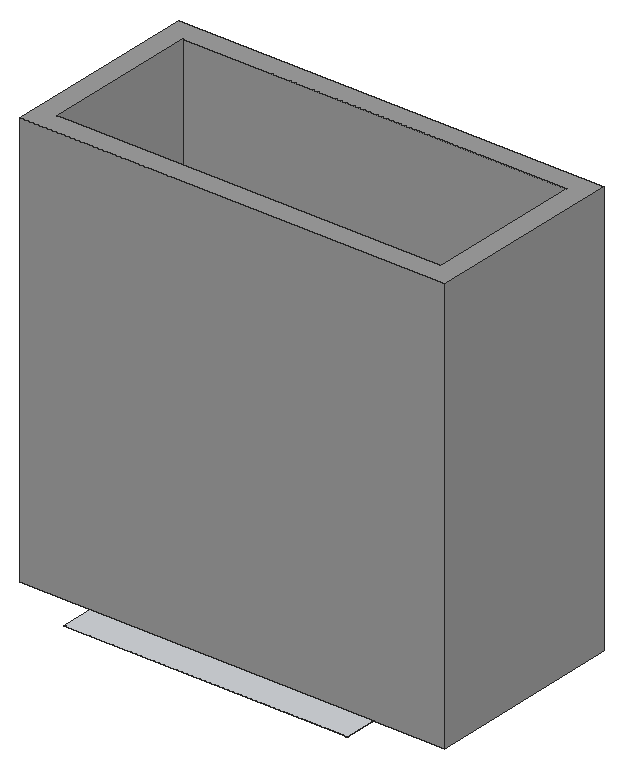
Revit family "Room_template", category Walls, Revit 2025
Family settings
  Work Plane-Based = No
  Always vertical = No
  Cut with Voids When Loaded = No
  Shared = Yes
Parameters
  duHast_width [instance] = 2367.295 mm
  duHast_sub_department_name [instance] = ""
  duHast_sub_department_code [instance] = ""
  duHast_room_number [instance] = ""
  duHast_room_name_abbreviated [instance] = ""
  duHast_room_name [instance] = ""
  duHast_room_id [instance] = ""
  duHast_height [instance] = 2438.4 mm
  duHast_functional_group_name [instance] = ""
  duHast_functional_group_code [instance] = ""
  duHast_depth [instance] = 1044.001 mm
  duHast_department_name [instance] = ""
  duHast_department_code [instance] = ""
  duHast_area_designed_to_area_briefed_as_percentage [instance] = if(duHast_area_designed_centre_wall - duHast_area_briefed = 0.00 m², 0, if(duHast_area_briefed = 0.00 m², 9999, 100 * (duHast_area_designed_centre_wall - duHast_area_briefed) / duHast_area_briefed))  # 0
  duHast_area_designed_minus_area_briefed_difference [instance] = duHast_area_designed_centre_wall - duHast_area_briefed  # 0.00 m²
  duHast_area_designed_centre_wall [instance] = 0.00 m²
  duHast_area_briefed [instance] = 0.00 m²
  Type IFC Predefined Type = "PARTITIONING"
  Structural Material = none
  Export Type to IFC As = "IfcWallType"
Reference planes
  plane 1: z = 0
  plane 2: z = 2438.4
  plane 3: x = 0
  plane 4: y = 0
Forms (mm)
  Extrusion 1, solid, material <- "Structural Material", detail levels medium+fine
    sketch origin (230.945, 0, 0) x (1, 0, 0) y (0, 1, 0)
      loop
        line (-1474.593, 582) -> (-1474.593, -582) -> (1012.703, -582) -> (1012.703, 582) -> (-1474.593, 582)
      loop
        line (-1354.593, 462) -> (-1354.593, -462) -> (892.703, -462) -> (892.703, 462) -> (-1354.593, 462)
    from 0 to 2438.4 <- "duHast_height"
  Extrusion 2, solid, not visible, detail levels coarse
    sketch origin (230.945, 0, 0) x (1, 0, 0) y (0, 1, 0)
      loop
        line (-1474.593, 582) -> (-1474.593, -582) -> (1012.703, -582) -> (1012.703, 582) -> (-1474.593, 582)
      loop
        line (-1354.593, 462) -> (-1354.593, -462) -> (892.703, -462) -> (892.703, 462) -> (-1354.593, 462)
    from 0 to 2438.4 <- "duHast_height"
Dimensions and locks
  "duHast_height": plane 2 to level
  aligned and locked: nested 3 to plane 3
  aligned and locked: nested 3 to plane 4
  aligned and locked: nested 2 to plane 3
  aligned and locked: nested 2 to plane 4
Automatic sketch dimensions
  Extrusion 1 sketch curve to Extrusion 1 sketch curve = 120 mm  (x4)
  Extrusion 2 sketch curve to Extrusion 2 sketch curve = 120 mm  (x4)
  Extrusion 1 sketch curve to Extrusion 1 sketch curve = 2247.295 mm
  Extrusion 2 sketch curve to Extrusion 2 sketch curve = 2247.295 mm
  Extrusion 1 sketch curve to Extrusion 1 sketch curve = 924.001 mm
  Extrusion 2 sketch curve to Extrusion 2 sketch curve = 924.001 mm
Nested families
  nested 1: "Nested_tag" at (-1.878, 0, 0), duHast_depth <- "duHast_depth", duHast_width <- "duHast_width", duHast_room_id <- "duHast_room_id", duHast_room_name_abbreviated <- "duHast_room_name", duHast_room_number <- "duHast_room_number", duHast_area_briefed <- "duHast_area_briefed", duHast_area_designed_centre_wall <- "duHast_area_designed_centre_wall", type "Nested_tag"
    with duHast_width 2367.295 mm, duHast_room_number "", duHast_room_name_abbreviated "", duHast_room_id "", duHast_depth 1044.001 mm, duHast_area_designed_centre_wall 0.00 m², duHast_area_briefed 0.00 m²
  nested 2: "Inner_nested_room_coarse_template" at (0, 0, 0), duHast_depth <- "duHast_depth", duHast_height <- "duHast_height", duHast_width <- "duHast_width", duHast_department_code <- "duHast_department_code", duHast_department_name <- "duHast_department_name", duHast_functional_group_code <- "duHast_functional_group_code", duHast_functional_group_name <- "duHast_functional_group_name", duHast_room_id <- "duHast_room_id", duHast_room_name <- "duHast_room_name", duHast_room_name_abbreviated <- "duHast_room_name_abbreviated", duHast_room_number <- "duHast_room_number", duHast_sub_department_code <- "duHast_sub_department_code", duHast_sub_department_name <- "duHast_sub_department_name", duHast_area_designed_minus_area_briefed_difference <- "duHast_area_designed_minus_area_briefed_difference", duHast_area_designed_to_area_briefed_as_percentage <- "duHast_area_designed_to_area_briefed_as_percentage", type "Inner_nested", detail levels coarse
    with duHast_width 2367.295 mm, duHast_sub_department_name "", duHast_sub_department_code "", duHast_room_number "", duHast_room_name_abbreviated "", duHast_room_name "", duHast_room_id "", duHast_height 2438.4 mm, duHast_functional_group_name "", duHast_functional_group_code "", duHast_depth 1044.001 mm, duHast_department_name "", duHast_department_code "", duHast_area_designed_to_area_briefed_as_percentage 0, duHast_area_designed_minus_area_briefed_difference 0.00 m²
  nested 3: "Inner_nested_room_template" at (0, 0, 0), duHast_depth <- "duHast_depth", duHast_height <- "duHast_height", duHast_width <- "duHast_width", duHast_department_code <- "duHast_department_code", duHast_department_name <- "duHast_department_name", duHast_functional_group_code <- "duHast_functional_group_code", duHast_functional_group_name <- "duHast_functional_group_name", duHast_room_id <- "duHast_room_id", duHast_room_name <- "duHast_room_name", duHast_room_name_abbreviated <- "duHast_room_name_abbreviated", duHast_room_number <- "duHast_room_number", duHast_sub_department_code <- "duHast_sub_department_code", duHast_sub_department_name <- "duHast_sub_department_name", duHast_area_designed_minus_area_briefed_difference <- "duHast_area_designed_minus_area_briefed_difference", duHast_area_designed_to_area_briefed_as_percentage <- "duHast_area_designed_to_area_briefed_as_percentage", type "Inner_nested", detail levels medium+fine
    with duHast_width 2367.295 mm, duHast_sub_department_name "", duHast_sub_department_code "", duHast_room_number "", duHast_room_name_abbreviated "", duHast_room_name "", duHast_room_id "", duHast_height 2438.4 mm, duHast_functional_group_name "", duHast_functional_group_code "", duHast_depth 1044.001 mm, duHast_department_name "", duHast_department_code "", duHast_area_designed_to_area_briefed_as_percentage 0, duHast_area_designed_minus_area_briefed_difference 0.00 m²
Definition of nested family "Inner_nested_room_template"
  Parameters (values of type "Inner_nested")
    duHast_width [instance] = 1880 mm
    duHast_sub_department_name [instance] = ""
    duHast_sub_department_code [instance] = ""
    duHast_room_number [instance] = ""
    duHast_room_name_abbreviated [instance] = ""
    duHast_room_name [instance] = ""
    duHast_room_id [instance] = ""
    duHast_height [instance] = 1574.089 mm
    duHast_functional_group_name [instance] = ""
    duHast_functional_group_code [instance] = ""
    duHast_depth [instance] = 1766.032 mm
    duHast_department_name [instance] = ""
    duHast_department_code [instance] = ""
    duHast_area_designed_to_area_briefed_as_percentage [instance] = 0
    duHast_area_designed_minus_area_briefed_difference [instance] = 0.00 m²
    Default Elevation = 0 mm
  Reference planes
    plane 1 "Center (Front/Back)": y = 0
    plane 2: z = 0
    plane 3 "Center (Left/Right)": x = 0
    plane 4: z = 1574.089
  Forms (mm)
    Extrusion 1, solid, detail levels medium+fine
      sketch origin (0, 0, 0) x (1, 0, 0) y (0, 1, 0)
        loop
          line (-832.073, 775.089) -> (-832.073, -775.089) -> (832.073, -775.089) -> (832.073, 775.089) -> (-832.073, 775.089)
      from 0 to 1
  Lines and regions (mm)
    model lines, detail levels medium+fine
      curve 1: line (0, 0, 0) -> (0, 0, 1574.089)
  Dimensions and locks
    "duHast_height": plane 4 to level
    aligned and locked: level to plane 2
    aligned and locked: plane 4 to curve 1
    aligned and locked: level to curve 1
    aligned and locked: plane 3 "Center (Left/Right)" to curve 1
  Automatic sketch dimensions
    plane 3 "Center (Left/Right)" to Extrusion 1 sketch curve = 832.073 mm
    Extrusion 1 sketch curve to plane 3 "Center (Left/Right)" = 832.073 mm
    Extrusion 1 sketch curve to plane 1 "Center (Front/Back)" = 775.089 mm
    plane 1 "Center (Front/Back)" to Extrusion 1 sketch curve = 775.089 mm
Definition of nested family "Nested_tag"
  Parameters (values of type "Nested_tag")
    duHast_width [instance] = 2000 mm
    duHast_room_number [instance] = "NUMBER"
    duHast_room_name_abbreviated [instance] = "NAME"
    duHast_room_id [instance] = "ID"
    duHast_depth [instance] = 2000 mm
    duHast_area_designed_centre_wall [instance] = 10.00 m²
    duHast_area_briefed [instance] = 10.00 m²
    Learning Link = ""
    Default Elevation = 0 mm
  Reference planes
    plane 1 "Center (Front/Back)": y = 0
    plane 2: z = 0
    plane 3 "Center (Left/Right)": x = 0
  Dimensions and locks
    aligned and locked: level to plane 2
  Nested families
    nested 1: "SYM_Planning_Annotation" at (-30, -159.812, 0), HSL_GROSS_FLOOR_AREA <- "duHast_area_designed_centre_wall", HSL_ROOM_NAME_SHORT <- "duHast_room_name_abbreviated", HSL_drofus_room_func_no <- "duHast_room_number", HSL_DEPTH <- "duHast_depth", HSL_WIDTH <- "duHast_width", HSL_CLIENT_REQ_AREA <- "duHast_area_briefed", type "SYM_Planning_Annotation"
      with HSL_drofus_room_func_no "NUMBER", HSL_WIDTH 2000 mm, HSL_ROOM_NAME_SHORT "NAME", HSL_GROSS_FLOOR_AREA 10.00 m², HSL_DEPTH 2000 mm, HSL_CLIENT_REQ_AREA 10.00 m²
  Definition of nested family "SYM_Planning_Annotation"
    Parameters (values of type "SYM_Planning_Annotation")
      HSL_drofus_room_func_no [instance] = ""
      HSL_WIDTH [instance] = 0 mm
      HSL_ROOM_NAME_SHORT [instance] = ""
      HSL_GROSS_FLOOR_AREA [instance] = 0.00 m²
      HSL_DEPTH [instance] = 0 mm
      HSL_CLIENT_REQ_AREA [instance] = 0.00 m²
    Reference planes
      plane 1: y = 0
      plane 2: x = 0
    Text (mm)
      label "HSL_WIDTH/ HSL_DEPTH\nHSL_drofus_room_func_no\nHSL_ROOM_NAME_SHORT\nHSL_GROSS_FLOOR_AREA /  [HSL_CLIENT_REQ_AREA]" at (1.878, 17.288, 0), shows "HSL_WIDTH", "HSL_DEPTH", "HSL_drofus_room_func_no", "HSL_ROOM_NAME_SHORT", "HSL_GROSS_FLOOR_AREA", "HSL_CLIENT_REQ_AREA"
Definition of nested family "Inner_nested_room_coarse_template"
  Parameters (values of type "Inner_nested")
    duHast_width [instance] = 2000 mm
    duHast_sub_department_name [instance] = ""
    duHast_sub_department_code [instance] = ""
    duHast_room_number [instance] = ""
    duHast_room_name_abbreviated [instance] = ""
    duHast_room_name [instance] = ""
    duHast_room_id [instance] = ""
    duHast_height [instance] = 1574.089 mm
    duHast_functional_group_name [instance] = ""
    duHast_functional_group_code [instance] = ""
    duHast_depth [instance] = 2000 mm
    duHast_department_name [instance] = ""
    duHast_department_code [instance] = ""
    duHast_area_designed_to_area_briefed_as_percentage [instance] = 0
    duHast_area_designed_minus_area_briefed_difference [instance] = 0.00 m²
    Default Elevation = 0 mm
  Reference planes
    plane 1 "Center (Front/Back)": y = 0
    plane 2: z = 0
    plane 3 "Center (Left/Right)": x = 0
    plane 4: z = 1574.089
  Forms (mm)
    Extrusion 1, solid, detail levels coarse
      sketch origin (0, 0, 0) x (1, 0, 0) y (0, 1, 0)
        loop
          arc (-700, 900) -> (-841.421, 841.421) -> (-900, 700) r 200
          line (-900, 700) -> (-900, -700)
          arc (-900, -700) -> (-841.421, -841.421) -> (-700, -900) r 200
          line (-700, -900) -> (700, -900)
          arc (700, -900) -> (841.421, -841.421) -> (900, -700) r 200
          line (900, -700) -> (900, 700)
          arc (900, 700) -> (841.421, 841.421) -> (700, 900) r 200
          line (700, 900) -> (-700, 900)
      from 0 to 1
  Lines and regions (mm)
    model lines, detail levels coarse
      curve 1: line (0, 0, 0) -> (0, 0, 1574.089)
    symbolic lines, detail levels coarse
      curve 2: line (700, 900, 0) -> (-700, 900, 0)
      curve 3: line (900, -700, 0) -> (900, 700, 0)
      curve 4: line (-700, -900, 0) -> (700, -900, 0)
      curve 5: line (-900, 700, 0) -> (-900, -700, 0)
      curve 6: arc (700, 900, 0) -> (841.421, 841.421, 0) -> (900, 700, 0) r 200
      curve 7: arc (-700, 900, 0) -> (-841.421, 841.421, 0) -> (-900, 700, 0) r 200
      curve 8: arc (700, -900, 0) -> (841.421, -841.421, 0) -> (900, -700, 0) r 200
  Dimensions and locks
    "duHast_height": plane 4 to level
    aligned and locked: level to plane 2
    aligned and locked: plane 4 to curve 1
    aligned and locked: level to curve 1
    aligned and locked: plane 3 "Center (Left/Right)" to curve 1
  Automatic sketch dimensions
    curve 5 to curve 7 = 200 mm
    curve 6 to curve 6 = 200 mm
    Extrusion 1 sketch curve to Extrusion 1 sketch curve = 200 mm  (x3)
    curve 8 to curve 8 = 200 mm
    plane 3 "Center (Left/Right)" to curve 6 = 700 mm
    plane 3 "Center (Left/Right)" to Extrusion 1 sketch curve = 700 mm
    curve 2 to plane 3 "Center (Left/Right)" = 700 mm
    plane 1 "Center (Front/Back)" to curve 4 = 900 mm
    curve 6 to plane 1 "Center (Front/Back)" = 700 mm
    curve 5 to curve 4 = 200 mm
    curve 4 to curve 5 = 200 mm
    Extrusion 1 sketch curve to plane 3 "Center (Left/Right)" = 700 mm  (x2)
    plane 1 "Center (Front/Back)" to Extrusion 1 sketch curve = 900 mm
    Extrusion 1 sketch curve to plane 1 "Center (Front/Back)" = 700 mm
